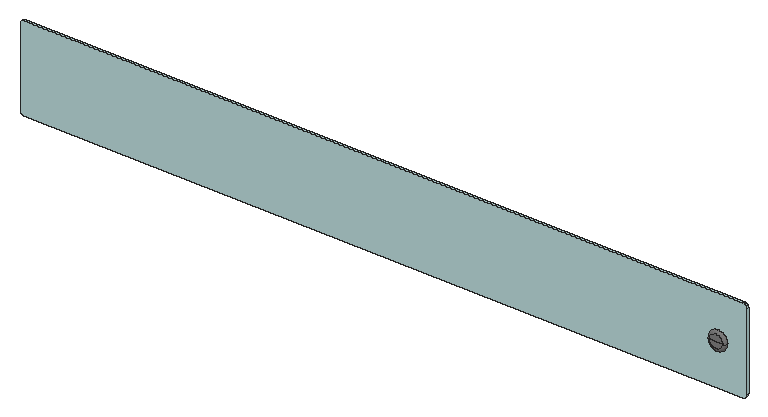
Revit family "Haworth_BeHold_Accessory_Drawer", category Furniture Systems, Revit 2018
Family settings
  Round Connector Dimension = Use Diameter
  Part Type = Normal
  OmniClass Number = 23.40.70.14.64.21
  OmniClass Title = Systems Furniture
  Work Plane-Based = No
  Always vertical = Yes
  Cut with Voids When Loaded = No
  Shared = No
  Room Calculation Point = No
Parameters (values of type "36w")
  With Lock = yes
  Width = 36"
  Warranty = "http://www.haworth.com/resources/product-info/warranties"
  URL - Product = "http://www.haworth.com/na/en/products/active-storage/be-hold.html"
  URL = "http://www.haworth.com"
  Trim Finish = Haworth _ Paint _ Sky Blue
  Sustainability Info = "https://www.haworth.com/company-info/sustainability"
  Size = "Verify Final Dim. w/ Haworth"  # constant formula
  Revision Number = "1"  # constant formula
  Model = "Haworth Be_Hold"  # constant formula
  Min. Width = 18"  # constant formula
  Min. Height = 4"  # constant formula
  Max. Width = 36"  # constant formula
  Max. Height = 4"  # constant formula
  Manufacturer = "Haworth"  # constant formula
  Lock Finish = Haworth _ Paint _ Charcoal
  Description = "Haworth - Be_Hold - Accessory - Drawer"  # constant formula
  Custom Size = not(or(Width = 18", Width = 24", Width = 30", Width = 36"))  # no
  Author = "Haworth (Alias)"  # constant formula
  Assembly Code = "E2020200"
  Actual Width = if(Width < Min. Width, Min. Width, if(Width > Max. Width, Max. Width, Width))  # 36"
  Actual Height = 4"  # constant formula
  Actual Depth = 1/16"  # constant formula
  Standard Widths = "18, 24, 30, 36 in."  # constant formula
Types (4): name | Width | URL - Product | URL | Actual Width
  36w | 36" | "http://www.haworth.com/na/en/products/active-storage/be-hold.html" | "http://www.haworth.com" | 36"
  30w | 30" | "" | "www.haworth.com" | 30"
  24w | 24" | "" | "www.haworth.com" | 24"
  18w | 18" | "" | "www.haworth.com" | 18"
Reference planes (in)
  plane 1: z = 0
  plane 2 "Center L/R": x = -6.17556
  plane 3 "Center F/B": y = -11.5
  plane 4 "Top": z = 4
  plane 5 "Back": y = -11.46875
  plane 6 "Front": y = -11.53125
  plane 7 "Right": x = 11.82444
  plane 8 "Left": x = -24.17556
  plane 9: y = -11.6543
  plane 10 "Lock Center": z = 2
Forms (in)
  Sweep 1, solid, material "Haworth _ Paint _ Sky Blue" <- "Trim Finish"
    path origin (0, 0, 0) x (1, 0, 0) y (0, 1, 0)
      loop
        line (-6.17556, -11.53125) -> (-6.17556, -11.46875)
    profile origin (-6.17556, -11.5, 0) x (-1, 0, 0) y (0, 0, 1)
      loop
        arc (-16.9175, 4) -> (-17.05009, 3.94508) -> (-17.105, 3.8125) r 0.1875
        line (-17.105, 3.8125) -> (-17.105, 0.1875)
        arc (-17.105, 0.1875) -> (-17.05009, 0.05492) -> (-16.9175, 0) r 0.1875
        line (-16.9175, 0) -> (16.9175, 0)
        arc (16.9175, 0) -> (17.05009, 0.05492) -> (17.105, 0.1875) r 0.1875
        line (17.105, 0.1875) -> (17.105, 3.8125)
        arc (17.105, 3.8125) -> (17.05009, 3.94508) -> (16.9175, 4) r 0.1875
        line (16.9175, 4) -> (-16.9175, 4)
  Revolve 2, solid, material "Haworth _ Paint _ Charcoal" <- "Lock Finish", visible <- "With Lock"
    sketch origin (0, 0, 2) x (-1, 0, 0) y (0, -1, 0)
      loop
        line (-9.55941, 11.6543) -> (-9.87366, 11.6543)
        arc (-9.87366, 11.6543) -> (-9.96067, 11.61826) -> (-9.99671, 11.53125) r 0.12305
        line (-9.99671, 11.53125) -> (-9.55941, 11.53125) -> (-9.55941, 11.6543)
      axis (-9.55941, 11.6543) -> (-9.55941, 11.53125)
    angle from 0 to 360
Lines and regions (in)
  Masking region 1
    outline origin (0, 0, 2) x (-1, 0, 0) y (0, -1, 0)
      loop
        line (-10.92945, 11.46875) -> (23.28056, 11.46875) -> (23.28056, 11.53125) -> (-10.92945, 11.53125) -> (-10.92945, 11.46875)
Dimensions and locks (in)
  equal spacing: plane 8 "Left", plane 2 "Center L/R", plane 7 "Right"
  "Actual Width": plane 8 "Left" to plane 7 "Right"
  equal spacing: plane 5 "Back", plane 3 "Center F/B", plane 6 "Front"
  "Actual Depth": plane 5 "Back" to plane 6 "Front"
  "Actual Height": plane 4 "Top" to plane 1
  locked: Sweep 1 sketch curve to plane 8 "Left" at 0.895
  locked: plane 7 "Right" to Sweep 1 sketch curve at 0.895
  equal spacing: plane 4 "Top", plane 10 "Lock Center", plane 1, locked at 2 each
  locked: Revolve 2 sketch curve to plane 7 "Right" at 2.26504  (x2)
  locked: Revolve 2 sketch curve to Revolve 2 sketch curve at 0.4373
  locked: plane 8 "Left" to Masking region 1 sketch curve at 0.895
  locked: Masking region 1 sketch curve to plane 7 "Right" at 0.895
  locked: plane 9 to plane 6 "Front" at 0.12305
  aligned and locked: plane 2 "Center L/R" to Sweep 1 sketch curve
  aligned and locked: plane 6 "Front" to Sweep 1 sketch curve
  aligned and locked: plane 5 "Back" to Sweep 1 sketch curve
  aligned and locked: plane 4 "Top" to Sweep 1 sketch curve
  aligned and locked: Sweep 1 sketch curve to plane 1
  aligned and locked: Revolve 2 sketch curve to plane 6 "Front"
  aligned and locked: plane 9 to Revolve 2 sketch curve
  aligned and locked: plane 5 "Back" to Masking region 1 sketch curve
  aligned and locked: Masking region 1 sketch curve to plane 6 "Front"
Automatic sketch dimensions
  level to Sweep 1 sketch curve = 3/16"
  Sweep 1 sketch curve to Sweep 1 sketch curve = 3/16"  (x3)
  plane 5 "Back" to Revolve 2 sketch curve = 1.06445"
  Revolve 2 sketch curve to Revolve 2 sketch curve = 1"
